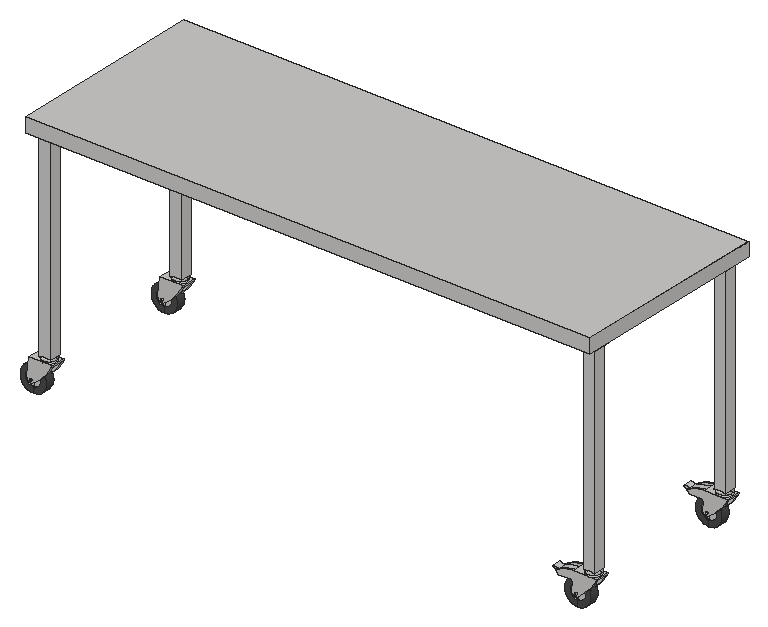
Revit family "QF_ELECTROLUXPROFESSIONAL_133244_TG2000MN", category Attrezzature speciali, Revit 2020
Family settings
  Quota connettore circolare = Usa diametro
  Tipo di parte = Normale
  Basato su piano di lavoro = No
  Sempre verticale = Sì
  Taglio con vuoti quando caricato = No
  Condiviso = No
  Punto di calcolo locali = No
Parameters (values of type "Standard")
  Weight = 58.00 kg
  Watts = 0 W
  Volts = 0 V
  URL Manufacturer = "https://www.electroluxprofessional.com/"
  URL = "https://www.electroluxprofessional.com/"
  Steam Supply Size = 0 mm
  Steam Supply Minimum Pressure = 0.0 Pa
  Steam Supply Maximum Pressure = 0.0 Pa
  Steam Consumption per Hour = 0
  Refrigeration Suction Line Size = 0.0 mm
  Refrigeration Liquid Line Size = 0.0 mm
  Refrigerant Compressor Remote = yes
  Prospetto di default = 0.0 mm
  Produttore = "Electrolux Professional"
  Phase = 0
  Modello = "TG2000MN"
  Length Actual = 2000.0 mm  # constant formula
  Item Number = "133244"
  Hot Water Size = 0 mm
  Height Actual = 900.0 mm  # constant formula
  HP = "0 HP"
  Gas Size = 0 mm
  Gas KW = 0
  Gas Input Pressure = 0 W
  Direct Waste Size = 0 mm
  Descrizione = "WORK TABLE ON WHEELS 2000 MM"
  Depth Actual = 700.0 mm  # constant formula
  Cycle = 0 Hz
  Condensate Return Size = 0 mm
  Compressed Air Volume = 0.0 L/s
  Compressed Air Size = 0 mm
  Compressed Air Pressure = 0.0 Pa
  Cold Water Size = 0 mm
  Accessory = yes
Reference planes
  plane 1 "Center (Front/Back)": y = 0
  plane 2: z = 0
  plane 3 "Center (Left/Right)": x = -400
  plane 4 "LEFT": x = -1400
  plane 5 "RIGHT": x = 600
  plane 6 "BACK": y = 350
  plane 7 "FRONT": y = -350
  plane 8 "Base": z = 850
  plane 9 "TOP": z = 900
  plane 10: x = -1364.5
  plane 11: x = 564.5
  plane 12: y = 290
  plane 13: y = -290
Forms (mm)
  Extrusion 1, solid, material "QF_Finishes_Stainless Steel"
    sketch origin (0, 0, 900) x (0, 1, 0) y (-1, 0, 0)
      loop
        line (350, 1400) -> (-350, 1400) -> (-350, -600) -> (350, -600) -> (350, 1400)
    from 0 to -50
  Extrusion 2, solid, material "QF_Finishes_Stainless Steel"
    sketch origin (-400, 0, 0) x (0, 1, 0) y (0, 0, 1)
      loop
        line (350, 900) -> (-350, 900) -> (-350, 850) -> (350, 850) -> (350, 900)
    from 1000 to -1000
Lines and regions (mm)
  symbolic lines
    curve 1: line (600, 350, 900) -> (-1400, 350, 900)
    curve 2: line (-1400, 350, 900) -> (-1400, -350, 900)
    curve 3: line (-1400, -350, 900) -> (600, -350, 900)
    curve 4: line (600, -350, 900) -> (600, 350, 900)
Dimensions and locks
  plane 4 "LEFT" to plane 5 "RIGHT" = 2000.0 mm
  equal spacing: plane 4 "LEFT", plane 3 "Center (Left/Right)", plane 5 "RIGHT"
  equal spacing: plane 6 "BACK", plane 1 "Center (Front/Back)", plane 7 "FRONT"
  plane 6 "BACK" to plane 7 "FRONT" = 700.0 mm
  plane 8 "Base" to level = 850.0 mm
  plane 9 "TOP" to level = 900.0 mm
  plane 6 "BACK" to plane 12 = 60.0 mm
  plane 13 to plane 7 "FRONT" = 60.0 mm
  plane 4 "LEFT" to plane 10 = 35.5 mm
  plane 11 to plane 5 "RIGHT" = 35.5 mm
  plane 10 to plane 11 = 1929.0 mm
  plane 12 to plane 13 = 580.0 mm
  aligned and locked: level to plane 2
  aligned and locked: plane 10 to nested 1
  aligned and locked: nested 1 to plane 13
  aligned and locked: plane 11 to nested 2
  aligned and locked: nested 2 to plane 13
  aligned and locked: plane 11 to nested 4
  aligned and locked: nested 4 to plane 12
  aligned and locked: plane 10 to nested 3
  aligned and locked: nested 3 to plane 12
  aligned and locked: Extrusion 1 sketch curve to plane 6 "BACK"
  aligned and locked: Extrusion 1 sketch curve to plane 4 "LEFT"
  aligned and locked: Extrusion 1 sketch curve to plane 7 "FRONT"
  aligned and locked: Extrusion 1 sketch curve to plane 5 "RIGHT"
  aligned and locked: plane 12 to nested 6
  aligned and locked: plane 11 to nested 6
  aligned and locked: plane 13 to nested 5
  aligned and locked: plane 10 to nested 5
  aligned and locked: plane 12 to nested 7
  aligned and locked: plane 10 to nested 7
  aligned and locked: plane 11 to nested 8
  aligned and locked: plane 13 to nested 8
  aligned and locked: Extrusion 2 sketch curve to plane 6 "BACK"
  aligned and locked: Extrusion 2 sketch curve to plane 9 "TOP"
  aligned and locked: plane 8 "Base" to Extrusion 2 sketch curve
  aligned and locked: plane 7 "FRONT" to Extrusion 2 sketch curve
  aligned and locked: Extrusion 2 to plane 4 "LEFT"
  aligned and locked: plane 5 "RIGHT" to Extrusion 2
  aligned and locked: plane 6 "BACK" to Extrusion 2
  aligned and locked: Extrusion 2 to plane 7 "FRONT"
Automatic sketch dimensions
  curve 2 to plane 4 "LEFT" = 0.0 mm
  curve 2 to plane 7 "FRONT" = 0.0 mm
  curve 2 to plane 6 "BACK" = 0.0 mm
  curve 1 to plane 5 "RIGHT" = 0.0 mm
Nested families
  nested 1: "FEET_40x40_WHEEL" at (-1364.5, -290, 0), type "FEET_40x40_WHEEL"
  nested 2: "FEET_40x40_WHEEL" at (564.5, -290, 0), type "FEET_40x40_WHEEL"
  nested 3: "FEET_40x40_WHEEL" at (-1364.5, 290, 0), type "FEET_40x40_WHEEL"
  nested 4: "FEET_40x40_WHEEL" at (564.5, 290, 0), type "FEET_40x40_WHEEL"
  nested 5: "WHEEL130" at (-1364.5, -190.35, 0), type "WHEEL130"
    with Type Mark "", Status "", Specification by User "", Revision Code "", Installed By "", Identify Quantity as Lot yes, Furnished By "", Foodservice Equipment Identifier yes
  nested 6: "WHEEL130_LOCKED" at (564.5, 389.65, 0), type "WHEEL130_LOCKED"
    with Type Mark "", Status "", Specification by User "", Revision Code "", Installed By "", Identify Quantity as Lot yes, Furnished By "", Foodservice Equipment Identifier yes
  nested 7: "WHEEL130" at (-1364.5, 389.65, 0), type "WHEEL130"
    with Type Mark "", Status "", Specification by User "", Revision Code "", Installed By "", Identify Quantity as Lot yes, Furnished By "", Foodservice Equipment Identifier yes
  nested 8: "WHEEL130_LOCKED" at (564.5, -190.35, 0), type "WHEEL130_LOCKED"
    with Type Mark "", Status "", Specification by User "", Revision Code "", Installed By "", Identify Quantity as Lot yes, Furnished By "", Foodservice Equipment Identifier yes
Definition of nested family "FEET_40x40_WHEEL"
  Parameters
    Default Elevation = 0.0 mm
    FEET = 850.0 mm
  Reference planes
    plane 1 "Center (Front/Back)": y = 0
    plane 2: z = 0
    plane 3 "Center (Left/Right)": x = 0
    plane 4: z = 850
  Forms (mm)
    Extrusion 1, solid
      sketch origin (0, 0, 0) x (1, 0, 0) y (0, 1, 0)
        loop
          line (-20, -20) -> (20, -20) -> (20, 20) -> (-20, 20) -> (-20, -20)
      from 130 to 845
    Extrusion 2, solid
      sketch origin (0, 0, 0) x (1, 0, 0) y (0, 1, 0)
        loop
          line (30, 30) -> (-30, 30) -> (-30, -30) -> (30, -30) -> (30, 30)
      from 845 to 850
  Lines and regions (mm)
    symbolic lines
      curve 1: line (0, -1.503, 0) -> (0, 1.508, 0)
      curve 2: line (1.561, 0, 0) -> (-1.439, 0, 0)
  Dimensions and locks
    "FEET": plane 4 to plane 2
    aligned and locked: level to plane 2
  Automatic sketch dimensions
    Extrusion 1 sketch curve to plane 3 "Center (Left/Right)" = 20.0 mm
    plane 3 "Center (Left/Right)" to Extrusion 1 sketch curve = 20.0 mm
    plane 1 "Center (Front/Back)" to Extrusion 1 sketch curve = 20.0 mm
    Extrusion 1 sketch curve to plane 1 "Center (Front/Back)" = 20.0 mm
    plane 3 "Center (Left/Right)" to Extrusion 2 sketch curve = 30.0 mm
    Extrusion 2 sketch curve to plane 1 "Center (Front/Back)" = 30.0 mm
    Extrusion 2 sketch curve to plane 3 "Center (Left/Right)" = 30.0 mm
    plane 1 "Center (Front/Back)" to Extrusion 2 sketch curve = 30.0 mm
    plane 1 "Center (Front/Back)" to curve 2 = 0.0 mm
    curve 1 to plane 3 "Center (Left/Right)" = 0.0 mm
    curve 2 to plane 3 "Center (Left/Right)" = 1.439 mm
    plane 3 "Center (Left/Right)" to curve 2 = 1.561 mm
    plane 1 "Center (Front/Back)" to curve 1 = 1.503 mm
    curve 1 to plane 1 "Center (Front/Back)" = 1.508 mm
Definition of nested family "WHEEL130"
  Parameters
    Weight = ""
    URL Manufacturer = ""
    URL Cutsheet = ""
    URL = ""
    Type Mark [instance] = ""
    Status [instance] = ""
    Specification by User [instance] = ""
    Specification by Manufacturer = ""
    Serial Number = ""
    Seismic Rating = ""
    SMACNA No = ""
    Revision Code [instance] = ""
    Default Elevation = 0.0 mm
    Omniclass Number and Title = ""
    NAFEM Spec ID Number = ""
    Model = ""
    MasterSpec. = ""
    Manufacturer = ""
    Installed By [instance] = ""
    Identify Quantity as Lot [instance] = yes
    Furnished By [instance] = ""
    Foodservice Equipment Identifier [instance] = yes
    Description = ""
    CSI MasterFormat = ""
    CSI Master Format = ""
    Assembly Code = ""
  Reference planes
    plane 1: z = 0
    plane 2 "Center (Front/Back)": y = -99.65
    plane 3 "Center (Left/Right)": x = 0
    plane 4 "TOP": z = 130
    plane 5 "Center X Caster": x = -44
  Forms (mm)
    Revolve 1, solid
      sketch origin (-44, -53.609, -25.504) x (0, -1, 0) y (0, 0, 1)
        loop
          line (26.04, 72.523) -> (26.04, 66.136) -> (35.372, 66.136) -> (35.372, 45.418) -> (31.533, 45.418) -> (31.533, 25.504) -> (60.548, 25.504) -> (60.548, 45.418) -> (56.709, 45.418) -> (56.709, 66.136) -> (66.04, 66.136) -> (66.04, 72.523) -> (26.04, 72.523)
        loop
          line (71.04, 69.259) -> (72.755, 69.259) -> (74.056, 70.56) -> (74.056, 72.523) -> (71.04, 72.523) -> (71.04, 69.259)
        loop
          line (21.099, 69.259) -> (21.099, 72.523) -> (18.053, 72.523) -> (18.053, 70.56) -> (19.353, 69.259) -> (21.099, 69.259)
        axis (18.053, 72.523) -> (74.056, 72.523)
      angle from 0 to 360
    Extrusion 2, solid
      sketch origin (0, -99.65, 0) x (-1, 0, 0) y (0, 0, 1)
        loop
          line (51.098, 117.019) -> (-30.875, 117.019) -> (-30.453, 113.093)
          arc (-30.453, 113.093) -> (-1.61, 71.515) -> (37.622, 39.556) r 180.858
          arc (37.622, 39.556) -> (51.933, 40.484) -> (57.92, 53.515) r 14
          line (57.92, 53.515) -> (51.098, 117.019)
        loop
          circle (44, 47.019) r 3.264
      from -20 to -25
    Extrusion 3, solid
      sketch origin (0, -99.65, 0) x (-1, 0, 0) y (0, 0, 1)
        loop
          line (51.098, 117.019) -> (-30.875, 117.019) -> (-30.453, 113.093)
          arc (-30.453, 113.093) -> (-1.61, 71.515) -> (37.622, 39.556) r 180.858
          arc (37.622, 39.556) -> (51.933, 40.484) -> (57.92, 53.515) r 14
          line (57.92, 53.515) -> (51.098, 117.019)
        loop
          circle (44, 47.019) r 3.264
      from 20 to 25
    Revolve 4, solid
      sketch origin (0, -99.65, 0) x (-1, 0, 0) y (0, 0, 1)
        loop
          line (0, 130) -> (-20, 130)
          arc (-20, 130) -> (-23.905, 128.171) -> (-25, 124) r 5.083
          line (-25, 124) -> (-22.422, 124) -> (-22.422, 121.88) -> (-24.688, 117.019) -> (0, 117.019) -> (0, 130)
        axis (0, 130) -> (0, 117.019)
      angle from 0 to 360
    Extrusion 5, solid
      sketch origin (0, -99.65, 0) x (-1, 0, 0) y (0, 0, 1)
        loop
          line (-30.875, 117.019) -> (-30.453, 113.093) -> (51.519, 113.093) -> (51.098, 117.019) -> (-30.875, 117.019)
      from -20 to 20
  Cuts and joins
    joined: Extrusion 2, Extrusion 3, Extrusion 5
  Lines and regions (mm)
    symbolic lines
      curve 1: line (-10, -99.65, 0) -> (10, -99.65, 0)
      curve 2: line (0, -108.445, 0) -> (0, -90.405, 0)
  Dimensions and locks
    plane 4 "TOP" to level = 130.0 mm  (x3)
    aligned and locked: level to plane 1
Definition of nested family "WHEEL130_LOCKED"
  Parameters
    Weight = ""
    URL Manufacturer = ""
    URL Cutsheet = ""
    URL = ""
    Type Mark [instance] = ""
    Status [instance] = ""
    Specification by User [instance] = ""
    Specification by Manufacturer = ""
    Serial Number = ""
    Seismic Rating = ""
    SMACNA No = ""
    Revision Code [instance] = ""
    Default Elevation = 0.0 mm
    Omniclass Number and Title = ""
    NAFEM Spec ID Number = ""
    Model = ""
    MasterSpec. = ""
    Manufacturer = ""
    Installed By [instance] = ""
    Identify Quantity as Lot [instance] = yes
    Furnished By [instance] = ""
    Foodservice Equipment Identifier [instance] = yes
    Description = ""
    CSI MasterFormat = ""
    CSI Master Format = ""
    Assembly Code = ""
  Reference planes
    plane 1: z = 0
    plane 2 "Center (Front/Back)": y = -99.65
    plane 3 "Center (Left/Right)": x = 0
    plane 4 "TOP": z = 130
    plane 5 "Center X Caster": x = -44
  Forms (mm)
    Revolve 1, solid
      sketch origin (-44, -53.609, -25.504) x (0, -1, 0) y (0, 0, 1)
        loop
          line (26.04, 72.523) -> (26.04, 66.136) -> (35.372, 66.136) -> (35.372, 45.418) -> (31.533, 45.418) -> (31.533, 25.504) -> (60.548, 25.504) -> (60.548, 45.418) -> (56.709, 45.418) -> (56.709, 66.136) -> (66.04, 66.136) -> (66.04, 72.523) -> (26.04, 72.523)
        loop
          line (71.04, 69.259) -> (72.755, 69.259) -> (74.056, 70.56) -> (74.056, 72.523) -> (71.04, 72.523) -> (71.04, 69.259)
        loop
          line (21.099, 69.259) -> (21.099, 72.523) -> (18.053, 72.523) -> (18.053, 70.56) -> (19.353, 69.259) -> (21.099, 69.259)
        axis (18.053, 72.523) -> (74.056, 72.523)
      angle from 0 to 360
    Extrusion 2, solid
      sketch origin (0, -99.65, 0) x (-1, 0, 0) y (0, 0, 1)
        loop
          line (56.125, 117.019) -> (-30.875, 117.019) -> (-30.453, 113.093)
          arc (-30.453, 113.093) -> (-1.61, 71.515) -> (37.622, 39.556) r 180.858
          arc (37.622, 39.556) -> (51.933, 40.484) -> (57.92, 53.515) r 14
          line (57.92, 53.515) -> (55.234, 78.516)
          arc (55.234, 78.516) -> (57.071, 84.203) -> (62.528, 86.637) r 7.337
          line (62.528, 86.637) -> (102.952, 86.637) -> (113.559, 97.243)
          arc (113.559, 97.243) -> (85.909, 110.231) -> (56.125, 117.019) r 142.32
        loop
          circle (44, 47.019) r 3.264
      from -20 to -25
    Extrusion 3, solid
      sketch origin (0, -99.65, 0) x (-1, 0, 0) y (0, 0, 1)
        loop
          line (56.125, 117.019) -> (-30.875, 117.019) -> (-30.453, 113.093)
          arc (-30.453, 113.093) -> (-1.61, 71.515) -> (37.622, 39.556) r 180.858
          arc (37.622, 39.556) -> (51.933, 40.484) -> (57.92, 53.515) r 14
          line (57.92, 53.515) -> (55.234, 78.516)
          arc (55.234, 78.516) -> (57.071, 84.203) -> (62.528, 86.637) r 7.337
          line (62.528, 86.637) -> (102.952, 86.637) -> (113.559, 97.243)
          arc (113.559, 97.243) -> (85.909, 110.231) -> (56.125, 117.019) r 142.32
        loop
          circle (44, 47.019) r 3.264
      from 20 to 25
    Extrusion 4, solid
      sketch origin (0, -99.65, 0) x (-1, 0, 0) y (0, 0, 1)
        loop
          line (133.012, 98.841) -> (130.309, 103.34) -> (113.559, 97.243)
          arc (113.559, 97.243) -> (84.897, 105.851) -> (55.427, 111.06) r 256.377
          line (55.427, 111.06) -> (44.82, 111.06)
          arc (44.82, 111.06) -> (37.781, 106.584) -> (38.85, 98.311) r 7.772
          line (38.85, 98.311) -> (105.452, 92.484) -> (114.112, 87.484) -> (133.012, 98.841)
        loop
          circle (44, 105.324) r 3.494
      from -14.507 to 14.507
    Extrusion 5, solid
      sketch origin (0, -99.65, 0) x (-1, 0, 0) y (0, 0, 1)
        loop
          circle (44, 105.324) r 3.494
      from -20 to 20
    Revolve 6, solid
      sketch origin (0, -99.65, 0) x (-1, 0, 0) y (0, 0, 1)
        loop
          line (0, 130) -> (-20, 130)
          arc (-20, 130) -> (-23.905, 128.171) -> (-25, 124) r 5.083
          line (-25, 124) -> (-22.422, 124) -> (-22.422, 121.88) -> (-24.688, 117.019) -> (0, 117.019) -> (0, 130)
        axis (0, 130) -> (0, 117.019)
      angle from 0 to 360
    Extrusion 7, solid
      sketch origin (0, -99.65, 0) x (-1, 0, 0) y (0, 0, 1)
        loop
          line (-30.875, 117.019) -> (-30.453, 113.093) -> (51.519, 113.093) -> (51.098, 117.019) -> (-30.875, 117.019)
      from -20 to 20
  Cuts and joins
    joined: Extrusion 2, Extrusion 3, Extrusion 7
  Lines and regions (mm)
    symbolic lines
      curve 1: line (11.908, -99.65, 0) -> (-11.403, -99.65, 0)
      curve 2: line (0, -111.652, 0) -> (0, -88.928, 0)
  Dimensions and locks
    plane 4 "TOP" to level = 130.0 mm  (x3)
    aligned and locked: level to plane 1
